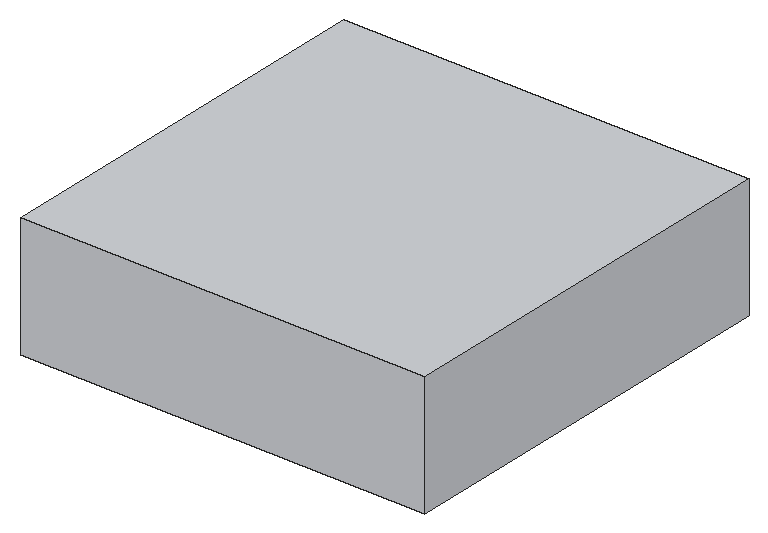
Revit family "StructuralFoundations_PileFoundation-Freeform", category Structural Foundations, Revit 2022
Family settings
  Material for Model Behavior = Concrete
  Cap = Yes
  OmniClass Number = 23.25.05.00
  OmniClass Title = Foundations
  Work Plane-Based = Yes
  Always vertical = Yes
  Cut with Voids When Loaded = No
  Shared = Yes
Parameters (values of type "PileFoundation_Freeform")
  Width = 0 mm
  Void Position Top = ((Depth - Pile Embedment) * -1)  # -925 mm
  VL_STR/GEO DA1 COMB 2 Min (kN) [instance] = ""
  VL_STR/GEO DA1 COMB 2 Max (kN) [instance] = ""
  VL_STR/GEO DA1 COMB 1 Min (kN) [instance] = ""
  VL_STR/GEO DA1 COMB 1 Max (kN) [instance] = ""
  VL_SLS Min (kN) [instance] = ""
  VL_SLS Max (kN) [instance] = ""
  VL_ADD. LIMIT STATE Min (kN) [instance] = ""
  VL_ADD. LIMIT STATE Max (kN) [instance] = ""
  Tension/Compression [instance] = ""
  Structural Material = <By Category>
  Radius = 250 mm
  Pile Insertion Vertical Offset = Depth * -1  # -1000 mm
  Pile Embedment Numerical = Pile Embedment / 1 mm  # 75
  Pile Embedment = 75 mm  # constant formula
  Pile Edge Distance = 150 mm  # constant formula
  Pile Depth Numerical [instance] = Pile Depth / 1 mm  # 1000
  Pile Depth [instance] = 1000 mm
  ML_STR/GEO DA1 COMB 2 Max (kNm) [instance] = ""
  ML_STR/GEO DA1 COMB 1 Max (kNm) [instance] = ""
  ML_SLS Max (kNm) [instance] = ""
  ML_ADD. LIMIT STATE Max (kNm) [instance] = ""
  Length = 0 mm
  HL_STR/GEO DA1 COMB 2 Max (kN) [instance] = ""
  HL_STR/GEO DA1 COMB 1 Max (kN) [instance] = ""
  HL_SLS Max (kN) [instance] = ""
  HL_ADD. LIMIT STATE Max (kN) [instance] = ""
  Foundation Thickness = Depth  # 1000 mm
  Diameter = Radius * 2  # 500 mm
  Depth = 1000 mm
  Default Elevation = 1219.2 mm
  Assembly Code = ""
Reference planes
  plane 1 "Center (Front/Back)": y = 0
  plane 2: z = 75.116
  plane 3 "Center (Left/Right)": x = 0
  plane 4: x = -750
  plane 5: x = 750
  plane 6: y = 750
  plane 7: y = -750
  plane 8: z = -924.884
Forms (mm)
  Extrusion 1, solid
    sketch origin (0, 0, 75.116) x (1, 0, 0) y (0, 1, 0)
      loop
        line (-1650, 1650) -> (-1650, -1650) -> (1650, -1650) -> (1650, 1650) -> (-1650, 1650)
    from -1000 <- "Pile Insertion Vertical Offset" to 0
  Extrusion 2, void
    sketch origin (0, 0, 75.116) x (1, 0, 0) y (0, 1, 0)
      loop
        circle (-1191.006, 1577.398) r 250
    from -1000 <- "Pile Insertion Vertical Offset" to -925 <- "Void Position Top"
Dimensions and locks
  equal spacing: plane 4, plane 3 "Center (Left/Right)", plane 5
  "Depth": plane 2 to Extrusion 1
  equal spacing: Extrusion 1, plane 3 "Center (Left/Right)", Extrusion 1
  equal spacing: Extrusion 1, plane 1 "Center (Front/Back)", Extrusion 1
  equal spacing: plane 7, plane 1 "Center (Front/Back)", plane 6
  locked: level to plane 8 at 1000
  "Radius": radius of Extrusion 2 sketch curve
Automatic sketch dimensions
  Extrusion 2 sketch curve to plane 4 = 441.006 mm
  plane 6 to Extrusion 2 sketch curve = 827.398 mm
  Extrusion 1 sketch curve to plane 4 = 900 mm
  plane 5 to Extrusion 1 sketch curve = 900 mm
  Extrusion 1 sketch curve to plane 7 = 900 mm
  plane 6 to Extrusion 1 sketch curve = 900 mm
Nested families
  nested 1: "StructuralFoundations_PileFoundation" at (-1191.89, 1577.398, -924.884), Height Offset From Level <- "Pile Insertion Vertical Offset", HL_ADD. LIMIT STATE Max (kN) <- "HL_ADD. LIMIT STATE Max (kN)", HL_SLS Max (kN) <- "HL_SLS Max (kN)", HL_STR/GEO DA1 COMB 1 Max (kN) <- "HL_STR/GEO DA1 COMB 1 Max (kN)", HL_STR/GEO DA1 COMB 2 Max (kN) <- "HL_STR/GEO DA1 COMB 2 Max (kN)", ML_ADD. LIMIT STATE Max (kNm) <- "ML_ADD. LIMIT STATE Max (kNm)", ML_SLS Max (kNm) <- "ML_SLS Max (kNm)", ML_STR/GEO DA1 COMB 1 Max (kNm) <- "ML_STR/GEO DA1 COMB 1 Max (kNm)", ML_STR/GEO DA1 COMB 2 Max (kNm) <- "ML_STR/GEO DA1 COMB 2 Max (kNm)", Tension/Compression <- "Tension/Compression", VL_ADD. LIMIT STATE Max (kN) <- "VL_ADD. LIMIT STATE Max (kN)", VL_ADD. LIMIT STATE Min (kN) <- "VL_STR/GEO DA1 COMB 1 Min (kN)", VL_SLS Max (kN) <- "VL_SLS Max (kN)", VL_SLS Min (kN) <- "VL_SLS Min (kN)", VL_STR/GEO DA1 COMB 1 Max (kN) <- "VL_STR/GEO DA1 COMB 1 Max (kN)", VL_STR/GEO DA1 COMB 1 Min (kN) <- "VL_STR/GEO DA1 COMB 1 Min (kN)", VL_STR/GEO DA1 COMB 2 Max (kN) <- "VL_STR/GEO DA1 COMB 2 Max (kN)", VL_STR/GEO DA1 COMB 2 Min (kN) <- "VL_STR/GEO DA1 COMB 2 Min (kN)", Pile Depth <- "Pile Depth", type "Freeform_Pile"
    with VL_STR/GEO DA1 COMB 2 Min (kN) "", VL_STR/GEO DA1 COMB 2 Max (kN) "", VL_STR/GEO DA1 COMB 1 Min (kN) "", VL_STR/GEO DA1 COMB 1 Max (kN) "", VL_SLS Min (kN) "", VL_SLS Max (kN) "", VL_ADD. LIMIT STATE Min (kN) "", VL_ADD. LIMIT STATE Max (kN) "", Tension/Compression "", Pile Length 1075 mm, Pile Embedment Numerical 75, Pile Embedment 75 mm, Pile Depth Numerical 1000, Pile Depth 1000 mm, ML_STR/GEO DA1 COMB 2 Max (kNm) "", ML_STR/GEO DA1 COMB 1 Max (kNm) "", ML_SLS Max (kNm) "", ML_ADD. LIMIT STATE Max (kNm) "", Lightning Protection no, HL_STR/GEO DA1 COMB 2 Max (kN) "", HL_STR/GEO DA1 COMB 1 Max (kN) "", HL_SLS Max (kN) "", HL_ADD. LIMIT STATE Max (kN) ""
Definition of nested family "StructuralFoundations_PileFoundation"
  Parameters (values of type "Freeform_Pile")
    VL_STR/GEO DA1 COMB 2 Min (kN) [instance] = ""
    VL_STR/GEO DA1 COMB 2 Max (kN) [instance] = ""
    VL_STR/GEO DA1 COMB 1 Min (kN) [instance] = ""
    VL_STR/GEO DA1 COMB 1 Max (kN) [instance] = ""
    VL_SLS Min (kN) [instance] = ""
    VL_SLS Max (kN) [instance] = ""
    VL_ADD. LIMIT STATE Min (kN) [instance] = ""
    VL_ADD. LIMIT STATE Max (kN) [instance] = ""
    Type Comments = ""
    Tension/Compression [instance] = ""
    Structural Material = (empty or 0)
    Radius = 250 mm
    Pile Offset Line Vis 3Ø = no
    Pile Offset Line Vis 2.5Ø = no
    Pile Offset Line 3Ø = Diameter * 3  # 1500 mm
    Pile Offset Line 2.5Ø = Diameter * 2.5  # 1250 mm
    Pile Length [instance] = Pile Depth + Pile Embedment  # 1575 mm
    Pile Embedment Numerical [instance] = Pile Embedment / 1 mm  # 75
    Pile Embedment [instance] = 75 mm  # constant formula
    Pile Depth Numerical [instance] = Pile Depth / 1 mm  # 1500
    Pile Depth [instance] = 1500 mm
    ML_STR/GEO DA1 COMB 2 Max (kNm) [instance] = ""
    ML_STR/GEO DA1 COMB 1 Max (kNm) [instance] = ""
    ML_SLS Max (kNm) [instance] = ""
    ML_ADD. LIMIT STATE Max (kNm) [instance] = ""
    Lightning Protection [instance] = no
    Keynote = ""
    HL_STR/GEO DA1 COMB 2 Max (kN) [instance] = ""
    HL_STR/GEO DA1 COMB 1 Max (kN) [instance] = ""
    HL_SLS Max (kN) [instance] = ""
    HL_ADD. LIMIT STATE Max (kN) [instance] = ""
    Diameter = Radius * 2  # 500 mm
    Description = ""
    Assembly Code = ""
  Reference planes
    plane 1 "Center (Front/Back)": y = 0
    plane 2: z = 0
    plane 3 "Center (Left/Right)": x = 0
    plane 4: z = -1500
  Forms (mm)
    Extrusion 1, solid
      sketch origin (0, 0, 0) x (1, 0, 0) y (0, 1, 0)
        loop
          circle (0, 0) r 250
      from -1500 to 75
  Lines and regions (mm)
    symbolic lines
      curve 1: line (-250, 0, 75) -> (250, 0, 75)
      curve 2: line (250, 0, 75) -> (250, 0, 0)
      curve 3: line (-250, 0, 75) -> (-250, 0, 0)
      curve 4: line (0, 250, 75) -> (0, -250, 75)
      curve 5: line (0, -250, 75) -> (0, -250, 0)
      curve 6: line (0, 250, 75) -> (0, 250, 0)
    symbolic lines, visible <- "Pile Offset Line Vis 3Ø"
      curve 7: circle (0, 0, 0) r 1500 normal (0, 0, 1)
    symbolic lines, visible <- "Pile Offset Line Vis 2.5Ø"
      curve 8: circle (0, 0, 0) r 1250 normal (0, 0, 1)
  Dimensions and locks
    equal spacing: curve 3, plane 3 "Center (Left/Right)", curve 2
    "Diameter": curve 3 to curve 2
    equal spacing: curve 6, plane 1 "Center (Front/Back)", curve 5
    "Diameter": curve 6 to curve 5
    "Pile Depth": plane 2 to plane 4
    "Pile Embedment": Extrusion 1 to level
    "Radius": radius of Extrusion 1 sketch curve
    "Radius": radius of Extrusion 1
    "Pile Offset Line 3Ø": radius of curve 7
    "Pile Offset Line 2.5Ø": radius of curve 8
    aligned and locked: Extrusion 1 to plane 4
  Automatic sketch dimensions
    plane 1 "Center (Front/Back)" to Extrusion 1 sketch curve = 0 mm
    Extrusion 1 sketch curve to plane 3 "Center (Left/Right)" = 0 mm
    curve 2 to level = 0 mm
    curve 3 to level = 0 mm
    curve 5 to level = 0 mm
    curve 6 to level = 0 mm
    curve 7 to curve 8 = 0 mm  (x2)
    plane 1 "Center (Front/Back)" to curve 8 = 0 mm
    curve 8 to plane 3 "Center (Left/Right)" = 0 mm
    level to curve 2 = 75 mm
    level to curve 5 = 75 mm
